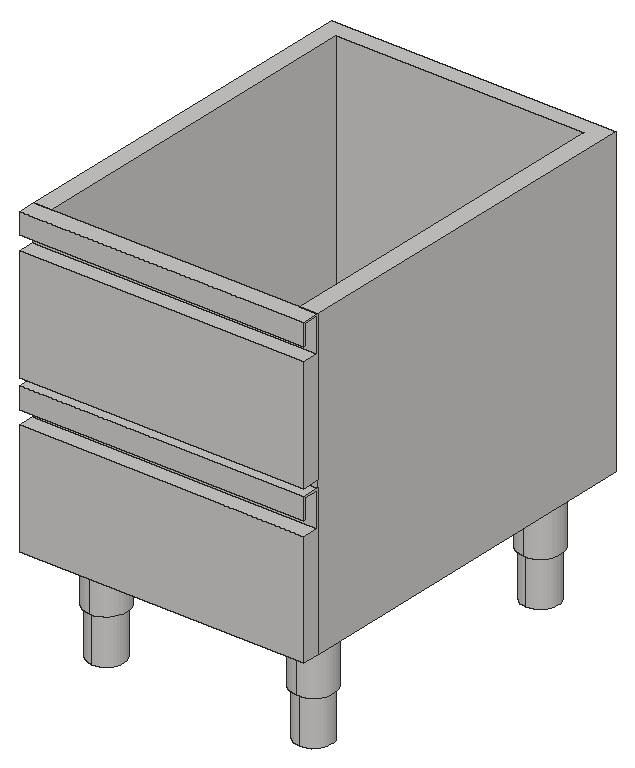
Revit family "QF_GIORIK_SUL0420", category Specialty Equipment, Revit 2014
Parameters (values of type "SUL0420")
  Weight in Pounds = 0
  URL Cutsheet = "www.giorik.com"
  URL = "www.giorik.com"
  Status [instance] = ""
  Specification by User [instance] = ""
  Specification by Manufacturer = ""
  Show Logo [instance] = yes
  Show Clearance [instance] = yes
  Serial Number = ""
  Seismic Rating = ""
  SMACNA No = ""
  Revision Code [instance] = ""
  NAFEM Spec ID Number = ""
  Model = "SUL0420"
  Masterspec = ""
  Manufacturer = "GIORIK"
  Item Number [instance] = ""
  Installed By [instance] = ""
  Identify Quantity as Lot [instance] = no
  Furnished By [instance] = ""
  Foodservice Equipment Identifier [instance] = yes
  Description = "NEUTRAL CUPBOARD WITH DRAWERS 400X550X580"
  CSI MasterFormat = ""
  Assembly Code = "E1090320"
Reference planes
  plane 1 "Back": y = 0
  plane 2: z = 0
  plane 3 "Left": x = 0
  plane 4 "Right": x = 400
  plane 5 "Front": y = -600
  plane 6 "Top": z = 580
Forms (mm)
  Extrusion 1, solid
    sketch origin (-16, 1016.81, 0) x (1, 0, 0) y (0, 1, 0)
      loop
        line (25, -1086.81) -> (25, -1156.81) -> (115, -1156.81) -> (115, -1086.81) -> (25, -1086.81)
    from 148 to 150
  Extrusion 2, solid
    sketch origin (416, 1016.81, 0) x (-1, 0, 0) y (0, -1, 0)
      loop
        line (25, 1086.81) -> (115, 1086.81) -> (115, 1156.81) -> (25, 1156.81) -> (25, 1086.81)
    from 148 to 150
  Extrusion 3, solid
    sketch origin (0, -40, 599.536) x (1, 0, 0) y (0, 1, 0)
      loop
        line (0, -525) -> (25, -525) -> (25, -25) -> (375, -25) -> (375, -525) -> (400, -525) -> (400, 0) -> (0, 0) -> (0, -525)
    from -449.536 to -19.536
  Extrusion 4, solid
    sketch origin (0, -40, 0) x (1, 0, 0) y (0, 1, 0)
      loop
        line (25, -25) -> (25, -525) -> (375, -525) -> (375, -25) -> (25, -25)
    from 150 to 175
  Extrusion 5, solid
    sketch origin (-16, 616.81, 0) x (1, 0, 0) y (0, 1, 0)
      loop
        line (25, -1086.81) -> (25, -1156.81) -> (115, -1156.81) -> (115, -1086.81) -> (25, -1086.81)
    from 148 to 150
  Revolve 6, solid
    sketch origin (54, 616.81, 0) x (0, 1, 0) y (0, 0, 1)
      loop
        line (-1092.56, 66) -> (-1092.56, 148) -> (-1121.81, 148) -> (-1121.81, 0) -> (-1096.81, 0) -> (-1096.81, 66) -> (-1092.56, 66)
      axis (-1121.81, 0) -> (-1121.81, 148)
    angle from 0 to 360
  Extrusion 7, solid
    sketch origin (416, 616.81, 0) x (-1, 0, 0) y (0, -1, 0)
      loop
        line (25, 1086.81) -> (115, 1086.81) -> (115, 1156.81) -> (25, 1156.81) -> (25, 1086.81)
    from 148 to 150
  Revolve 8, solid
    sketch origin (346, 616.81, 0) x (0, 1, 0) y (0, 0, 1)
      loop
        line (-1092.56, 66) -> (-1092.56, 148) -> (-1121.81, 148) -> (-1121.81, 0) -> (-1096.81, 0) -> (-1096.81, 66) -> (-1092.56, 66)
      axis (-1121.81, 0) -> (-1121.81, 148)
    angle from 0 to 360
  Revolve 9, solid
    sketch origin (346, 1016.81, 0) x (0, 1, 0) y (0, 0, 1)
      loop
        line (-1092.56, 66) -> (-1092.56, 148) -> (-1121.81, 148) -> (-1121.81, 0) -> (-1096.81, 0) -> (-1096.81, 66) -> (-1092.56, 66)
      axis (-1121.81, 0) -> (-1121.81, 148)
    angle from 0 to 360
  Revolve 10, solid
    sketch origin (54, 1016.81, 0) x (0, 1, 0) y (0, 0, 1)
      loop
        line (-1092.56, 66) -> (-1092.56, 148) -> (-1121.81, 148) -> (-1121.81, 0) -> (-1096.81, 0) -> (-1096.81, 66) -> (-1092.56, 66)
      axis (-1121.81, 0) -> (-1121.81, 148)
    angle from 0 to 360
  Extrusion 11, solid
    sketch origin (0, 0, -67.327) x (0, 1, 0) y (0, 0, 1)
      loop
        line (-565, 437.327) -> (-565, 647.327) -> (-590, 647.327) -> (-590, 617.327) -> (-588, 617.327) -> (-588, 645.327) -> (-567, 645.327) -> (-567, 597.327) -> (-590, 597.327) -> (-590, 437.327) -> (-565, 437.327)
    from 0 to 400
  Extrusion 12, solid
    sketch origin (0, 0, -287.327) x (0, 1, 0) y (0, 0, 1)
      loop
        line (-565, 437.327) -> (-565, 647.327) -> (-590, 647.327) -> (-590, 617.327) -> (-588, 617.327) -> (-588, 645.327) -> (-567, 645.327) -> (-567, 597.327) -> (-590, 597.327) -> (-590, 437.327) -> (-565, 437.327)
    from 0 to 400
  Extrusion 13, solid, visible <- "Show Clearance", detail levels coarse
    sketch origin (132.284, 95, -40) x (0, 1, 0) y (0, 0, 1)
      loop
        line (-685, 410) -> (-685, 620) -> (-1210, 620) -> (-1210, 410) -> (-685, 410)
    from -132.284 to 267.716
  Extrusion 14, solid, visible <- "Show Clearance", detail levels coarse
    sketch origin (132.284, 95, -260) x (0, 1, 0) y (0, 0, 1)
      loop
        line (-685, 410) -> (-685, 620) -> (-1210, 620) -> (-1210, 410) -> (-685, 410)
    from -132.284 to 267.716
Lines and regions (mm)
  symbolic lines, style "200-EquipHidden-2D", visible <- "Show Clearance", detail levels coarse
    curve 1: line (0, -40, 580) -> (400, -40, 580)
    curve 2: line (0, -590, 580) -> (0, -40, 580)
    curve 3: line (400, -590, 580) -> (0, -590, 580)
    curve 4: line (400, -40, 580) -> (400, -590, 580)
  symbolic lines, style "QF_Door-Drawer Clearances", visible <- "Show Clearance", detail levels coarse
    curve 5: line (30, -840, 0) -> (30, -1050, 0)
    curve 6: line (0, -1090, 900) -> (400, -1090, 900)
    curve 7: line (375, -1050, 900) -> (375, -840, 900)
    curve 8: line (0, -1050, 900) -> (400, -1050, 900)
    curve 9: line (0, -1050, 0) -> (0, -1090, 0)
    curve 10: line (400, -1090, 900) -> (400, -1050, 900)
    curve 11: line (0, -840, 900) -> (400, -840, 900)
    curve 12: line (375, -800, 900) -> (375, -590, 900)
    curve 13: line (0, -800, 900) -> (400, -800, 900)
    curve 14: line (0, -800, 0) -> (0, -840, 0)
    curve 15: line (400, -840, 900) -> (400, -800, 900)
    curve 16: line (25, -590, 0) -> (25, -800, 0)
Dimensions and locks
  plane 3 "Left" to plane 4 "Right" = 400 mm
  plane 5 "Front" to plane 1 "Back" = 600 mm
  plane 4 "Right" to plane 3 "Left" = 400 mm
  plane 1 "Back" to plane 5 "Front" = 600 mm
  plane 6 "Top" to level = 580 mm  (x2)
  aligned and locked: level to plane 2
